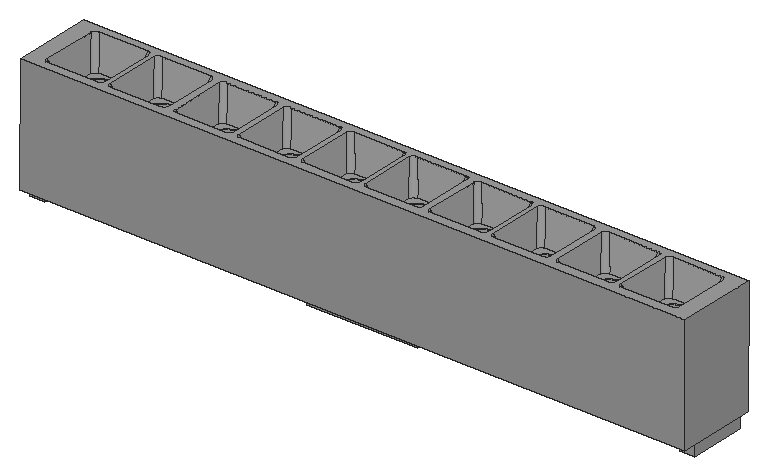
Revit family "Alcon - 15100_Multi-Cell Linear 10 Cells", category Lighting Fixtures, host Face, Revit 2025
Family settings
  Host = Face
  Round Connector Dimension = Use Diameter
  Part Type = Normal
  Cut with Voids When Loaded = No
  Light Source = Yes
  Maintain Annotation Orientation = No
  Shared = No
  Room Calculation Point = No
Parameters
  Wattage = 9.2903 W
  built-in parameter 1150110 = 1 (stored number, unit not read)
  built-in parameter 1114217 = 1 (stored number, unit not read)
  built-in parameter 1150109 = 1 (stored number, unit not read)
  built-in parameter 1150134 = 3
  built-in parameter 1150113 = 1 (stored number, unit not read)
  built-in parameter 1150105 = 439.27 (stored number, unit not read)
  Lumens = 1380 lm
  built-in parameter 1150115 = 1 (stored number, unit not read)
  Light Source Symbol Size = 2' - 0"
  built-in parameter 1150137 = (empty or 0)
  built-in parameter 1150139 = (empty or 0)
  built-in parameter 1150112 = 1 (stored number, unit not read)
  built-in parameter 1150114 = 1 (stored number, unit not read)
  built-in parameter 1150132 = (empty or 0)
  built-in parameter 1150102 = (empty or 0)
  built-in parameter 1150107 = 3200 (stored number, unit not read)
  built-in parameter 1150138 = (empty or 0)
  built-in parameter 1150106 = 4.3927 (stored number, unit not read)
  Housing = Default
  Glass Frosted = Glass, Frosted
  Fixture Length = 0' - 11.9"
  Emit from Line Length = 2' - 0"
  built-in parameter 1150104 = 13.8 (stored number, unit not read)
  Dimming Lamp Color Temperature Shift = (empty or 0)
  Default Elevation = 4' - 0"
  Color Filter = 16777215
  built-in parameter 1114218 = 1 (stored number, unit not read)
  built-in parameter 1150133 = 10 (stored number, unit not read)
Reference planes (in)
  plane 1 "Center (Front/Back)": y = 0
  plane 2: z = 0
  plane 3 "Center (Left/Right)": x = 0
Forms (in)
  Extrusion 1, solid, material "Default" <- "Housing"
    sketch origin (0, 0, 0) x (0, 1, 0) y (0, 0, 1)
      loop
        line (0.65, 2.17) -> (-0.65, 2.17) -> (-0.65, 0.25) -> (0.65, 0.25) -> (0.65, 2.17)
    from 0 to 10.8537
  Extrusion 2, solid, material "Default" <- "Housing"
    sketch origin (4.5206, 0.80127, 0) x (0, 1, 0) y (0, 0, 1)
      loop
        line (-0.32706, 0.25) -> (-1.25034, 0.25) -> (-1.25034, 0.0773) -> (-0.32706, 0.0773) -> (-0.32706, 0.25)
    from 0 to 1.8125
  Blend 3, void
    base sketch origin (0, 0.35, 2.17) x (1, 0, 0) y (0, 1, 0)
      loop
        arc (1.22022, 0.09362) -> (1.19708, 0.14947) -> (1.14122, 0.17261) r 0.07899
        line (1.14122, 0.17261) -> (0.33645, 0.17261)
        arc (0.33645, 0.17261) -> (0.28587, 0.15166) -> (0.26492, 0.10108) r 0.07153
        line (0.26492, 0.10108) -> (0.26492, -0.78581)
        arc (0.26492, -0.78581) -> (0.28529, -0.83498) -> (0.33446, -0.85535) r 0.06954
        line (0.33446, -0.85535) -> (1.13919, -0.85535)
        arc (1.13919, -0.85535) -> (1.19648, -0.83162) -> (1.22022, -0.77432) r 0.08102
        line (1.22022, -0.77432) -> (1.22022, 0.09362)
    top sketch origin (0, -0.35, 0.25) x (1, 0, 0) y (0, 1, 0)
      loop
        arc (0.49109, 0.69091) -> (0.43156, 0.66626) -> (0.4069, 0.60673) r 0.08418
        line (0.4069, 0.60673) -> (0.4069, 0.09695)
        arc (0.4069, 0.09695) -> (0.42965, 0.04204) -> (0.48456, 0.01929) r 0.07765
        line (0.48456, 0.01929) -> (0.99141, 0.01929)
        arc (0.99141, 0.01929) -> (1.05112, 0.04402) -> (1.07585, 0.10373) r 0.08444
        line (1.07585, 0.10373) -> (1.07585, 0.60691)
        arc (1.07585, 0.60691) -> (1.05125, 0.66631) -> (0.99185, 0.69091) r 0.084
        line (0.99185, 0.69091) -> (0.49109, 0.69091)
    from 0 to 1.45075
  Blend 4, void
    base sketch origin (1.03101, 0.35, 2.17) x (1, 0, 0) y (0, 1, 0)
      loop
        arc (1.22022, 0.09362) -> (1.19708, 0.14947) -> (1.14122, 0.17261) r 0.07899
        line (1.14122, 0.17261) -> (0.33645, 0.17261)
        arc (0.33645, 0.17261) -> (0.28587, 0.15166) -> (0.26492, 0.10108) r 0.07153
        line (0.26492, 0.10108) -> (0.26492, -0.78581)
        arc (0.26492, -0.78581) -> (0.28529, -0.83498) -> (0.33446, -0.85535) r 0.06954
        line (0.33446, -0.85535) -> (1.13919, -0.85535)
        arc (1.13919, -0.85535) -> (1.19648, -0.83162) -> (1.22022, -0.77432) r 0.08102
        line (1.22022, -0.77432) -> (1.22022, 0.09362)
    top sketch origin (1.03101, -0.35, 0.25) x (1, 0, 0) y (0, 1, 0)
      loop
        arc (0.49109, 0.69091) -> (0.43156, 0.66626) -> (0.4069, 0.60673) r 0.08418
        line (0.4069, 0.60673) -> (0.4069, 0.09695)
        arc (0.4069, 0.09695) -> (0.42965, 0.04204) -> (0.48456, 0.01929) r 0.07765
        line (0.48456, 0.01929) -> (0.99141, 0.01929)
        arc (0.99141, 0.01929) -> (1.05112, 0.04402) -> (1.07585, 0.10373) r 0.08444
        line (1.07585, 0.10373) -> (1.07585, 0.60691)
        arc (1.07585, 0.60691) -> (1.05125, 0.66631) -> (0.99185, 0.69091) r 0.084
        line (0.99185, 0.69091) -> (0.49109, 0.69091)
    from 0 to 1.45075
  Blend 5, void
    base sketch origin (2.09666, 0.35, 2.17) x (1, 0, 0) y (0, 1, 0)
      loop
        arc (1.22022, 0.09362) -> (1.19708, 0.14947) -> (1.14122, 0.17261) r 0.07899
        line (1.14122, 0.17261) -> (0.33645, 0.17261)
        arc (0.33645, 0.17261) -> (0.28587, 0.15166) -> (0.26492, 0.10108) r 0.07153
        line (0.26492, 0.10108) -> (0.26492, -0.78581)
        arc (0.26492, -0.78581) -> (0.28529, -0.83498) -> (0.33446, -0.85535) r 0.06954
        line (0.33446, -0.85535) -> (1.13919, -0.85535)
        arc (1.13919, -0.85535) -> (1.19648, -0.83162) -> (1.22022, -0.77432) r 0.08102
        line (1.22022, -0.77432) -> (1.22022, 0.09362)
    top sketch origin (2.09666, -0.35, 0.25) x (1, 0, 0) y (0, 1, 0)
      loop
        arc (0.49109, 0.69091) -> (0.43156, 0.66626) -> (0.4069, 0.60673) r 0.08418
        line (0.4069, 0.60673) -> (0.4069, 0.09695)
        arc (0.4069, 0.09695) -> (0.42965, 0.04204) -> (0.48456, 0.01929) r 0.07765
        line (0.48456, 0.01929) -> (0.99141, 0.01929)
        arc (0.99141, 0.01929) -> (1.05112, 0.04402) -> (1.07585, 0.10373) r 0.08444
        line (1.07585, 0.10373) -> (1.07585, 0.60691)
        arc (1.07585, 0.60691) -> (1.05125, 0.66631) -> (0.99185, 0.69091) r 0.084
        line (0.99185, 0.69091) -> (0.49109, 0.69091)
    from 0 to 1.45075
  Blend 6, void
    base sketch origin (3.13906, 0.35, 2.17) x (1, 0, 0) y (0, 1, 0)
      loop
        arc (1.22022, 0.09362) -> (1.19708, 0.14947) -> (1.14122, 0.17261) r 0.07899
        line (1.14122, 0.17261) -> (0.33645, 0.17261)
        arc (0.33645, 0.17261) -> (0.28587, 0.15166) -> (0.26492, 0.10108) r 0.07153
        line (0.26492, 0.10108) -> (0.26492, -0.78581)
        arc (0.26492, -0.78581) -> (0.28529, -0.83498) -> (0.33446, -0.85535) r 0.06954
        line (0.33446, -0.85535) -> (1.13919, -0.85535)
        arc (1.13919, -0.85535) -> (1.19648, -0.83162) -> (1.22022, -0.77432) r 0.08102
        line (1.22022, -0.77432) -> (1.22022, 0.09362)
    top sketch origin (3.13906, -0.35, 0.25) x (1, 0, 0) y (0, 1, 0)
      loop
        arc (0.49109, 0.69091) -> (0.43156, 0.66626) -> (0.4069, 0.60673) r 0.08418
        line (0.4069, 0.60673) -> (0.4069, 0.09695)
        arc (0.4069, 0.09695) -> (0.42965, 0.04204) -> (0.48456, 0.01929) r 0.07765
        line (0.48456, 0.01929) -> (0.99141, 0.01929)
        arc (0.99141, 0.01929) -> (1.05112, 0.04402) -> (1.07585, 0.10373) r 0.08444
        line (1.07585, 0.10373) -> (1.07585, 0.60691)
        arc (1.07585, 0.60691) -> (1.05125, 0.66631) -> (0.99185, 0.69091) r 0.084
        line (0.99185, 0.69091) -> (0.49109, 0.69091)
    from 0 to 1.45075
  Blend 7, void
    base sketch origin (4.17796, 0.35, 2.17) x (1, 0, 0) y (0, 1, 0)
      loop
        arc (1.22022, 0.09362) -> (1.19708, 0.14947) -> (1.14122, 0.17261) r 0.07899
        line (1.14122, 0.17261) -> (0.33645, 0.17261)
        arc (0.33645, 0.17261) -> (0.28587, 0.15166) -> (0.26492, 0.10108) r 0.07153
        line (0.26492, 0.10108) -> (0.26492, -0.78581)
        arc (0.26492, -0.78581) -> (0.28529, -0.83498) -> (0.33446, -0.85535) r 0.06954
        line (0.33446, -0.85535) -> (1.13919, -0.85535)
        arc (1.13919, -0.85535) -> (1.19648, -0.83162) -> (1.22022, -0.77432) r 0.08102
        line (1.22022, -0.77432) -> (1.22022, 0.09362)
    top sketch origin (4.17796, -0.35, 0.25) x (1, 0, 0) y (0, 1, 0)
      loop
        arc (0.49109, 0.69091) -> (0.43156, 0.66626) -> (0.4069, 0.60673) r 0.08418
        line (0.4069, 0.60673) -> (0.4069, 0.09695)
        arc (0.4069, 0.09695) -> (0.42965, 0.04204) -> (0.48456, 0.01929) r 0.07765
        line (0.48456, 0.01929) -> (0.99141, 0.01929)
        arc (0.99141, 0.01929) -> (1.05112, 0.04402) -> (1.07585, 0.10373) r 0.08444
        line (1.07585, 0.10373) -> (1.07585, 0.60691)
        arc (1.07585, 0.60691) -> (1.05125, 0.66631) -> (0.99185, 0.69091) r 0.084
        line (0.99185, 0.69091) -> (0.49109, 0.69091)
    from 0 to 1.45075
  Extrusion 8, void
    sketch origin (0, 0.35, 3.62075) x (0, 1, 0) y (1, 0, 0)
      loop
        circle (-0.34517, 0.7396) r 0.27249
      loop
        circle (-0.34517, 1.77061) r 0.27249
      loop
        circle (-0.34517, 2.83627) r 0.27249
      loop
        circle (-0.34517, 3.87866) r 0.27249
      loop
        circle (-0.34517, 4.91756) r 0.27249
      loop
        circle (-0.34517, 5.94706) r 0.27249
      loop
        circle (-0.34517, 6.97807) r 0.27249
      loop
        circle (-0.34517, 8.04373) r 0.27249
      loop
        circle (-0.34517, 9.08612) r 0.27249
      loop
        circle (-0.34517, 10.12502) r 0.27249
    from 1.86613 to 2.23575
  Extrusion 9, solid, material "Glass, Frosted" <- "Glass Frosted"
    sketch origin (0, 0.35, 3.62075) x (1, 0, 0) y (0, 1, 0)
      loop
        circle (5.94706, -0.34517) r 0.27249
      loop
        circle (6.97807, -0.34517) r 0.27249
      loop
        circle (8.04373, -0.34517) r 0.27249
      loop
        circle (9.08612, -0.34517) r 0.27249
      loop
        circle (10.12502, -0.34517) r 0.27249
      loop
        circle (0.7396, -0.34517) r 0.27249
      loop
        circle (1.77061, -0.34517) r 0.27249
      loop
        circle (2.83627, -0.34517) r 0.27249
      loop
        circle (3.87866, -0.34517) r 0.27249
      loop
        circle (4.91756, -0.34517) r 0.27249
    from -1.94806 to -1.92
  Extrusion 10, solid, material "Default" <- "Housing"
    sketch origin (0, -0.35, 0.25) x (1, 0, 0) y (0, -1, 0)
      loop
        line (0.24219, -0.82421) -> (0.24219, 0.09907) -> (0, 0.09907) -> (0, -0.82421) -> (0.24219, -0.82421)
      loop
        line (10.8537, -0.82421) -> (10.8537, 0.09907) -> (10.61152, 0.09907) -> (10.61152, -0.82421) -> (10.8537, -0.82421)
    from 0 to 0.1727
  Blend 11, void
    base sketch origin (5.20214, 0.35535, 2.17) x (1, 0, 0) y (0, 1, 0)
      loop
        arc (1.22022, 0.09362) -> (1.19708, 0.14947) -> (1.14122, 0.17261) r 0.07899
        line (1.14122, 0.17261) -> (0.33645, 0.17261)
        arc (0.33645, 0.17261) -> (0.28587, 0.15166) -> (0.26492, 0.10108) r 0.07153
        line (0.26492, 0.10108) -> (0.26492, -0.78581)
        arc (0.26492, -0.78581) -> (0.28529, -0.83498) -> (0.33446, -0.85535) r 0.06954
        line (0.33446, -0.85535) -> (1.13919, -0.85535)
        arc (1.13919, -0.85535) -> (1.19648, -0.83162) -> (1.22022, -0.77432) r 0.08102
        line (1.22022, -0.77432) -> (1.22022, 0.09362)
    top sketch origin (5.20214, -0.34465, 0.25) x (1, 0, 0) y (0, 1, 0)
      loop
        arc (0.49109, 0.69091) -> (0.43156, 0.66626) -> (0.4069, 0.60673) r 0.08418
        line (0.4069, 0.60673) -> (0.4069, 0.09695)
        arc (0.4069, 0.09695) -> (0.42965, 0.04204) -> (0.48456, 0.01929) r 0.07765
        line (0.48456, 0.01929) -> (0.99141, 0.01929)
        arc (0.99141, 0.01929) -> (1.05112, 0.04402) -> (1.07585, 0.10373) r 0.08444
        line (1.07585, 0.10373) -> (1.07585, 0.60691)
        arc (1.07585, 0.60691) -> (1.05125, 0.66631) -> (0.99185, 0.69091) r 0.084
        line (0.99185, 0.69091) -> (0.49109, 0.69091)
    from 0 to 1.45075
  Blend 12, void
    base sketch origin (6.25587, 0.35, 2.17) x (1, 0, 0) y (0, 1, 0)
      loop
        arc (1.22022, 0.09362) -> (1.19708, 0.14947) -> (1.14122, 0.17261) r 0.07899
        line (1.14122, 0.17261) -> (0.33645, 0.17261)
        arc (0.33645, 0.17261) -> (0.28587, 0.15166) -> (0.26492, 0.10108) r 0.07153
        line (0.26492, 0.10108) -> (0.26492, -0.78581)
        arc (0.26492, -0.78581) -> (0.28529, -0.83498) -> (0.33446, -0.85535) r 0.06954
        line (0.33446, -0.85535) -> (1.13919, -0.85535)
        arc (1.13919, -0.85535) -> (1.19648, -0.83162) -> (1.22022, -0.77432) r 0.08102
        line (1.22022, -0.77432) -> (1.22022, 0.09362)
    top sketch origin (6.25587, -0.35, 0.25) x (1, 0, 0) y (0, 1, 0)
      loop
        arc (0.49109, 0.69091) -> (0.43156, 0.66626) -> (0.4069, 0.60673) r 0.08418
        line (0.4069, 0.60673) -> (0.4069, 0.09695)
        arc (0.4069, 0.09695) -> (0.42965, 0.04204) -> (0.48456, 0.01929) r 0.07765
        line (0.48456, 0.01929) -> (0.99141, 0.01929)
        arc (0.99141, 0.01929) -> (1.05112, 0.04402) -> (1.07585, 0.10373) r 0.08444
        line (1.07585, 0.10373) -> (1.07585, 0.60691)
        arc (1.07585, 0.60691) -> (1.05125, 0.66631) -> (0.99185, 0.69091) r 0.084
        line (0.99185, 0.69091) -> (0.49109, 0.69091)
    from 0 to 1.45075
  Blend 13, void
    base sketch origin (7.28504, 0.35535, 2.17) x (1, 0, 0) y (0, 1, 0)
      loop
        arc (1.22022, 0.09362) -> (1.19708, 0.14947) -> (1.14122, 0.17261) r 0.07899
        line (1.14122, 0.17261) -> (0.33645, 0.17261)
        arc (0.33645, 0.17261) -> (0.28587, 0.15166) -> (0.26492, 0.10108) r 0.07153
        line (0.26492, 0.10108) -> (0.26492, -0.78581)
        arc (0.26492, -0.78581) -> (0.28529, -0.83498) -> (0.33446, -0.85535) r 0.06954
        line (0.33446, -0.85535) -> (1.13919, -0.85535)
        arc (1.13919, -0.85535) -> (1.19648, -0.83162) -> (1.22022, -0.77432) r 0.08102
        line (1.22022, -0.77432) -> (1.22022, 0.09362)
    top sketch origin (7.28504, -0.34465, 0.25) x (1, 0, 0) y (0, 1, 0)
      loop
        arc (0.49109, 0.69091) -> (0.43156, 0.66626) -> (0.4069, 0.60673) r 0.08418
        line (0.4069, 0.60673) -> (0.4069, 0.09695)
        arc (0.4069, 0.09695) -> (0.42965, 0.04204) -> (0.48456, 0.01929) r 0.07765
        line (0.48456, 0.01929) -> (0.99141, 0.01929)
        arc (0.99141, 0.01929) -> (1.05112, 0.04402) -> (1.07585, 0.10373) r 0.08444
        line (1.07585, 0.10373) -> (1.07585, 0.60691)
        arc (1.07585, 0.60691) -> (1.05125, 0.66631) -> (0.99185, 0.69091) r 0.084
        line (0.99185, 0.69091) -> (0.49109, 0.69091)
    from 0 to 1.45075
  Blend 14, void
    base sketch origin (8.34066, 0.35, 2.17) x (1, 0, 0) y (0, 1, 0)
      loop
        arc (1.22022, 0.09362) -> (1.19708, 0.14947) -> (1.14122, 0.17261) r 0.07899
        line (1.14122, 0.17261) -> (0.33645, 0.17261)
        arc (0.33645, 0.17261) -> (0.28587, 0.15166) -> (0.26492, 0.10108) r 0.07153
        line (0.26492, 0.10108) -> (0.26492, -0.78581)
        arc (0.26492, -0.78581) -> (0.28529, -0.83498) -> (0.33446, -0.85535) r 0.06954
        line (0.33446, -0.85535) -> (1.13919, -0.85535)
        arc (1.13919, -0.85535) -> (1.19648, -0.83162) -> (1.22022, -0.77432) r 0.08102
        line (1.22022, -0.77432) -> (1.22022, 0.09362)
    top sketch origin (8.34066, -0.35, 0.25) x (1, 0, 0) y (0, 1, 0)
      loop
        arc (0.49109, 0.69091) -> (0.43156, 0.66626) -> (0.4069, 0.60673) r 0.08418
        line (0.4069, 0.60673) -> (0.4069, 0.09695)
        arc (0.4069, 0.09695) -> (0.42965, 0.04204) -> (0.48456, 0.01929) r 0.07765
        line (0.48456, 0.01929) -> (0.99141, 0.01929)
        arc (0.99141, 0.01929) -> (1.05112, 0.04402) -> (1.07585, 0.10373) r 0.08444
        line (1.07585, 0.10373) -> (1.07585, 0.60691)
        arc (1.07585, 0.60691) -> (1.05125, 0.66631) -> (0.99185, 0.69091) r 0.084
        line (0.99185, 0.69091) -> (0.49109, 0.69091)
    from 0 to 1.45075
  Blend 15, void
    base sketch origin (9.38067, 0.35, 2.17) x (1, 0, 0) y (0, 1, 0)
      loop
        arc (1.22022, 0.09362) -> (1.19708, 0.14947) -> (1.14122, 0.17261) r 0.07899
        line (1.14122, 0.17261) -> (0.33645, 0.17261)
        arc (0.33645, 0.17261) -> (0.28587, 0.15166) -> (0.26492, 0.10108) r 0.07153
        line (0.26492, 0.10108) -> (0.26492, -0.78581)
        arc (0.26492, -0.78581) -> (0.28529, -0.83498) -> (0.33446, -0.85535) r 0.06954
        line (0.33446, -0.85535) -> (1.13919, -0.85535)
        arc (1.13919, -0.85535) -> (1.19648, -0.83162) -> (1.22022, -0.77432) r 0.08102
        line (1.22022, -0.77432) -> (1.22022, 0.09362)
    top sketch origin (9.38067, -0.35, 0.25) x (1, 0, 0) y (0, 1, 0)
      loop
        arc (0.49109, 0.69091) -> (0.43156, 0.66626) -> (0.4069, 0.60673) r 0.08418
        line (0.4069, 0.60673) -> (0.4069, 0.09695)
        arc (0.4069, 0.09695) -> (0.42965, 0.04204) -> (0.48456, 0.01929) r 0.07765
        line (0.48456, 0.01929) -> (0.99141, 0.01929)
        arc (0.99141, 0.01929) -> (1.05112, 0.04402) -> (1.07585, 0.10373) r 0.08444
        line (1.07585, 0.10373) -> (1.07585, 0.60691)
        arc (1.07585, 0.60691) -> (1.05125, 0.66631) -> (0.99185, 0.69091) r 0.084
        line (0.99185, 0.69091) -> (0.49109, 0.69091)
    from 0 to 1.45075
Cuts and joins
  Blend 3, Blend 4, Blend 5, Blend 6, Blend 7, Extrusion 8, Blend 11, Blend 12, Blend 13, Blend 14, Blend 15 cuts Extrusion 1
  Blend 11 cuts Extrusion 9
Lines and regions (in)
  reference lines
    curve 1: line (4.5206, -2.48319, 0) -> (4.5206, 2.01681, 0)
    curve 2: line (10.61152, 2.01681, 0) -> (10.61152, -2.48319, 0)
    curve 3: line (10.80921, 2.01681, 0) -> (10.80921, -2.48319, 0)
    curve 4: line (10.8537, 2.01681, 0) -> (10.8537, -2.48319, 0)
    curve 5: line (0.24219, 2.01681, 0) -> (0.24219, -2.48319, 0)
    curve 6: line (0.04449, 2.01681, 0) -> (0.04449, -2.48319, 0)
Dimensions and locks (in)
  aligned and locked: plane 2 to host face
  aligned and locked: level to host face
